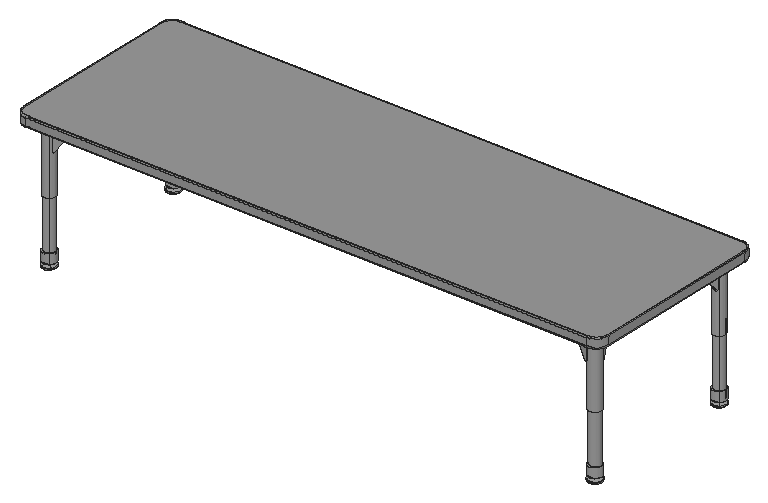
Revit family "Hierarchy Activity 72x24 Rectangle Table - Youth Height", category Furniture, Revit 2018
Family settings
  Work Plane-Based = No
  Always vertical = Yes
  Cut with Voids When Loaded = No
  Shared = No
  Room Calculation Point = No
Parameters
  Table Height = 1' - 4"
  Surface = Hierarchy Activity 72x24 Rectangle Table Youth Surface
  Leg Finish = Hierarchy Leg Platinum
  Edgeband = Hierarchy Activity 72x24 Rectangle Table Youth Edgeband
  Caster/Glide = Hierarchy Youth Leg - Glide : Hierarchy Youth Leg - Glide
Reference planes (in)
  plane 1 "Center (Front/Back)": y = 0
  plane 2: z = 0
  plane 3 "Center (Left/Right)": x = 0
  plane 4: z = 16
Dimensions and locks (in)
  "Table Height": plane 4 to level
  aligned and locked: plane 2 to level
  aligned and locked: nested 1 to plane 4
Nested families (in)
  nested 1: "Activity 72x24 Tabletop" at (0, 0, -7.925), type "Activity 72x24 Tabletop"
  nested 2: "Hierarchy Youth Leg - Glide" at (33.59074, 9.56213, 0) x (0.7071, -0.7071, 0) z (0, 0, 1), Leg Height <- "Table Height", type <- "Caster/Glide", Leg Finish <- "Leg Finish", type "Hierarchy Youth Leg - Glide"
    with Leg Height 1' - 4", Leg Finish Hierarchy Leg Platinum
  nested 3: "Hierarchy Youth Leg - Glide" at (33.59074, -9.56213, 0) x (0.7071, 0.7071, 0) z (0, 0, 1), Leg Height <- "Table Height", type <- "Caster/Glide", Leg Finish <- "Leg Finish", type "Hierarchy Youth Leg - Glide"
    with Leg Height 1' - 4", Leg Finish Hierarchy Leg Platinum
  nested 4: "Hierarchy Youth Leg - Glide" at (-33.59074, 9.56213, 0) x (-0.7071, -0.7071, 0) z (0, 0, 1), Leg Height <- "Table Height", Leg Finish <- "Leg Finish", type "Hierarchy Youth Leg - Glide"
    with Leg Height 1' - 4", Leg Finish Hierarchy Leg Platinum
  nested 5: "Hierarchy Youth Leg - Glide" at (-33.59074, -9.56213, 0) x (-0.7071, 0.7071, 0) z (0, 0, 1), Leg Height <- "Table Height", Leg Finish <- "Leg Finish", type "Hierarchy Youth Leg - Glide"
    with Leg Height 1' - 4", Leg Finish Hierarchy Leg Platinum
Definition of nested family "Activity 72x24 Tabletop"
  Parameters (values of type "Activity 72x24 Tabletop")
    Surface = none
    Edgeband = none
  Reference planes (in)
    plane 1 "Center (Front/Back)": y = 0
    plane 2: z = 0
    plane 3 "Center (Left/Right)": x = 0
  Forms (in)
    Extrusion 1, solid, material <- "Surface"
      sketch origin (0, 0, 0) x (1, 0, 0) y (0, 1, 0)
        loop
          line (34.50092, 11.88189) -> (-34.50092, 11.88189)
          arc (-34.50092, 11.88189) -> (-35.47807, 11.47714) -> (-35.88281, 10.5) r 1.38189
          line (-35.88281, 10.5) -> (-35.88281, -10.5)
          arc (-35.88281, -10.5) -> (-35.47807, -11.47714) -> (-34.50092, -11.88189) r 1.38189
          line (-34.50092, -11.88189) -> (34.50092, -11.88189)
          arc (34.50092, -11.88189) -> (35.47807, -11.47714) -> (35.88281, -10.5) r 1.38189
          line (35.88281, -10.5) -> (35.88281, 10.5)
          arc (35.88281, 10.5) -> (35.47807, 11.47714) -> (34.50092, 11.88189) r 1.38189
      from 23.925 to 25.125
    Sweep 2, solid, material <- "Edgeband"
      path origin (0, 0, 0) x (1, 0, 0) y (0, 1, 0)
        loop
          line (34.50092, 11.88189) -> (-34.50092, 11.88189)
          arc (-34.50092, 11.88189) -> (-35.47807, 11.47714) -> (-35.88281, 10.5) r 1.38189
          line (-35.88281, 10.5) -> (-35.88281, -10.5)
          arc (-35.88281, -10.5) -> (-35.47807, -11.47714) -> (-34.50092, -11.88189) r 1.38189
          line (-34.50092, -11.88189) -> (34.50092, -11.88189)
          arc (34.50092, -11.88189) -> (35.47807, -11.47714) -> (35.88281, -10.5) r 1.38189
          line (35.88281, -10.5) -> (35.88281, 10.5)
          arc (35.88281, 10.5) -> (35.47807, 11.47714) -> (34.50092, 11.88189) r 1.38189
      profile origin (0, 11.88189, 0) x (0, -1, 0) y (0, 0, 1)
        loop
          arc (-0.11811, 24.04311) -> (-0.08352, 23.95959) -> (0, 23.925) r 0.11811
          line (0, 23.925) -> (0, 25.125)
          arc (0, 25.125) -> (-0.08352, 25.09041) -> (-0.11811, 25.00689) r 0.11811
          line (-0.11811, 25.00689) -> (-0.11811, 24.04311)
  Dimensions and locks (in)
    aligned and locked: plane 2 to level
Definition of nested family "Hierarchy Youth Leg - Glide"
  Parameters (values of type "Hierarchy Youth Leg - Glide")
    Leg Finish [instance] = none
    Leg Height [instance] = 1' - 4.80117"
  Reference planes (in)
    plane 1 "Center (Front/Back)": y = 0
    plane 2: z = 0
    plane 3 "Center (Left/Right)": x = 0
  Forms (in)
    Extrusion 1, solid
      sketch origin (-0.01562, 0, 0) x (1, 0, 0) y (0, 1, 0)
        loop
          circle (0.01563, 0) r 0.67016
      from 0.67618 to 10.55018
    Revolve 2, solid
      sketch origin (0, 0, 0) x (1, 0, 0) y (0, 0, 1)
        loop
          line (-0.73189, 1.80118) -> (-0.79439, 1.73867) -> (-0.79439, 0.61381) -> (-0.73176, 0.55118) -> (-0.125, 0.55118) -> (-0.125, 0.42618) -> (-0.84656, 0.16241) -> (-0.84656, 0.08994) -> (-0.81359, 0) -> (0, 0) -> (0, 1.80118) -> (-0.73189, 1.80118)
        axis (0, 1.80118) -> (0, 0)
      angle from 0 to 360
  Dimensions and locks (in)
    "Leg Height": nested 1 to level  (x2)
    aligned and locked: plane 2 to level
  Automatic sketch dimensions
    plane 1 "Center (Front/Back)" to Extrusion 1 sketch curve = 0' - 0"
    Extrusion 1 sketch curve to plane 3 "Center (Left/Right)" = 0' - 0"
    Revolve 2 sketch curve to level = 0' - 0"
    Revolve 2 sketch curve to plane 3 "Center (Left/Right)" = 0' - 0"  (x2)
    Revolve 2 sketch curve to plane 3 "Center (Left/Right)" = 0' - 0 1/8"
    Revolve 2 sketch curve to Revolve 2 sketch curve = 0' - 0.60676"
    Revolve 2 sketch curve to Revolve 2 sketch curve = 0' - 0.73189"
    Revolve 2 sketch curve to Revolve 2 sketch curve = 0' - 0.06263"  (x2)
    Revolve 2 sketch curve to Revolve 2 sketch curve = 0' - 0.08183"
    Revolve 2 sketch curve to Revolve 2 sketch curve = 0' - 0.03297"
    level to Revolve 2 sketch curve = 0' - 0.08994"
    Revolve 2 sketch curve to Revolve 2 sketch curve = 0' - 0.07247"
    level to Revolve 2 sketch curve = 0' - 0.42618"
    Revolve 2 sketch curve to Revolve 2 sketch curve = 0' - 0 1/8"
    Revolve 2 sketch curve to Revolve 2 sketch curve = 0' - 1.12486"
    Revolve 2 sketch curve to Revolve 2 sketch curve = 0' - 0 1/16"
    Revolve 2 sketch curve to level = 2' - 0"
    Revolve 2 sketch curve to Revolve 2 sketch curve = 8' - 4.91764"
    radius of Extrusion 1 sketch curve = 0' - 0.67016"
  Nested families (in)
    nested 1: "Hierarchy Youth Upper Leg 2023" at (0, 0, 0), Leg Finish <- "Leg Finish", type "Hierarchy Youth Upper Leg 2023"
      with Leg Finish none
  Definition of nested family "Hierarchy Youth Upper Leg 2023"
    Parameters (values of type "Hierarchy Youth Upper Leg 2023")
      Leg Finish [instance] = none
    Reference planes (in)
      plane 1 "Center (Front/Back)": y = 0
      plane 2: z = 0
      plane 3 "Center (Left/Right)": x = 0
    Forms (in)
      Extrusion 1, solid, material <- "Leg Finish"
        sketch origin (0, 0, -11.001) x (1, 0, 0) y (0, 1, 0)
          loop
            circle (0, 0) r 0.75
        from 19.67618 to 27.67618
      Extrusion 2, solid, material <- "Leg Finish"
        sketch origin (0, 0, -11.001) x (1, 0, 0) y (0, 1, 0)
          loop
            line (-1.70174, 0.19183) -> (-2.88626, -2.26116)
            arc (-2.88626, -2.26116) -> (-2.83993, -3.09822) -> (-2.1063, -3.50394) r 0.86614
            line (-2.1063, -3.50394) -> (2.1063, -3.50394)
            arc (2.1063, -3.50394) -> (2.83993, -3.09822) -> (2.88626, -2.26116) r 0.86614
            line (2.88626, -2.26116) -> (1.70174, 0.19183)
            arc (1.70174, 0.19183) -> (0, 1.25984) -> (-1.70174, 0.19183) r 1.88976
        from 27.67618 to 27.80217
      Extrusion 3, solid, material <- "Leg Finish"
        sketch origin (-1.48519, 8.66524, -11.001) x (-0.434844, 0.900506, 0) y (0, 0, 1)
          loop
            line (-9.01425, 27.67618) -> (-11.80952, 27.67618)
            arc (-11.80952, 27.67618) -> (-11.92325, 27.58993) -> (-11.87088, 27.45715) r 0.11811
            arc (-11.87088, 27.45715) -> (-10.39364, 26.29679) -> (-9.23328, 24.81955) r 7.87402
            arc (-9.23328, 24.81955) -> (-9.1005, 24.76717) -> (-9.01425, 24.88091) r 0.11811
            line (-9.01425, 24.88091) -> (-9.01425, 27.67618)
        from -1.94075 to -1.81476
      Extrusion 4, solid, material <- "Leg Finish"
        sketch origin (1.48519, 8.66524, -11.001) x (0.434844, 0.900506, 0) y (0, 0, -1)
          loop
            line (-9.01425, -27.67618) -> (-9.01425, -24.88091)
            arc (-9.01425, -24.88091) -> (-9.1005, -24.76717) -> (-9.23328, -24.81955) r 0.11811
            arc (-9.23328, -24.81955) -> (-10.39364, -26.29679) -> (-11.87088, -27.45715) r 7.87402
            arc (-11.87088, -27.45715) -> (-11.92325, -27.58993) -> (-11.80952, -27.67618) r 0.11811
            line (-11.80952, -27.67618) -> (-9.01425, -27.67618)
        from -1.94075 to -1.81476
    Dimensions and locks (in)
      aligned and locked: plane 2 to level
